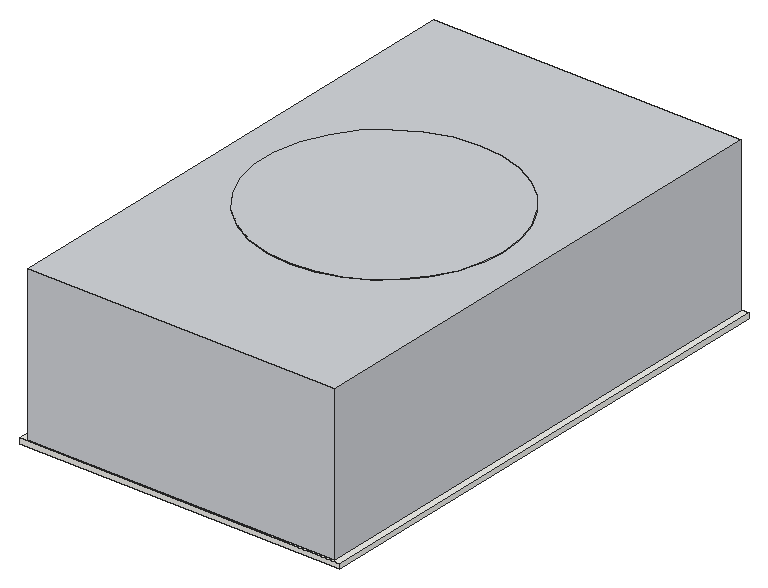
Revit family "MADEL_GRILL_AIR RETURN_FIXED BLADES 45º_DMT+(PLRX - PLRXL) – (1.D1)", category Terminales de aire, Revit 2015
Parameters (values of type "DMT-AR+PLRX 500x300")
  n_factor = 32.0898  # constant formula
  m_factor = 1.8995  # constant formula
  c_factor = -12.9322  # constant formula
  b_factor = -0.12814  # constant formula
  SPM-A [instance] = no
  Revit Version = "Revit 2015 - English"  # constant formula
  Review Date = "11/2016"  # constant formula
  Q_Connector [instance] = Q / 1  # 717.089 m³/h
  Q [instance] = 717.089 m³/h
  Product Type [instance] = Modelo  # "DMT-AR+PLRX 500x300"
  Product Size = "500x300"
  Product Reference [instance] = if(not(H > L), if(Nº Options = 3, if(PLRX, if([(S)], if(SP, "DMT-AR+SP+PLRX (S)", if(MLL, "DMT-AR+MLL+PLRX (S)", if([SPM-A], "DMT-AR+SPM-A+PLRX (S)", if(PFT, "DMT-AR+PFT+PLRX (S)", "Consult Manufacturer")))), if([(O)], if(SP, "DMT-AR+SP+PLRX (O)", if(MLL, "DMT-AR+MLL+PLRX (O)", if([SPM-A], "DMT-AR+SPM-A+PLRX (O)", if(PFT, "DMT-AR+PFT+PLRX (O)", "Consult Manufacturer")))), "Consult Manufacturer")), if([PLRX/L], if([(S)], if(SP, "DMT-AR+SP+PLRX/L (S)", if(MLL, "DMT-AR+MLL+PLRX/L (S)", if([SPM-A], "DMT-AR+SPM-A+PLRX/L (S)", if(PFT, "DMT-AR+PFT+PLRX/L (S)", "Consult Manufacturer")))), if([(O)], if(SP, "DMT-AR+SP+PLRX/L (O)", if(MLL, "DMT-AR+MLL+PLRX/L (O)", if([SPM-A], "DMT-AR+SPM-A+PLRX/L (O)", if(PFT, "DMT-AR+PFT+PLRX/L (O)", "Consult Manufacturer")))), "Consult Manufacturer")), "Consult Manufacturer")), if(Nº Options = 2, if(PLRX, if([(S)], "DMT-AR+PLRX (S)", if([(O)], "DMT-AR+PLRX (O)", "Consult Manufacturer")), if([PLRX/L], if([(S)], "DMT-AR+PLRX/L (S)", if([(O)], "DMT-AR+PLRX/L (O)", "Consult Manufacturer")), "Consult Manufacturer")), "Consult Manufacturer")), if(Nº Options = 3, if(PLRX, if([(S)], if(SP, "EMT-AR+SP+PLRX (S)", if(MLL, "EMT-AR+MLL+PLRX (S)", if([SPM-A], "EMT-AR+SPM-A+PLRX (S)", if(PFT, "EMT-AR+PFT+PLRX (S)", "Consult Manufacturer")))), if([(O)], if(SP, "EMT-AR+SP+PLRX (O)", if(MLL, "EMT-AR+MLL+PLRX (O)", if([SPM-A], "EMT-AR+SPM-A+PLRX (O)", if(PFT, "EMT-AR+PFT+PLRX (O)", "Consult Manufacturer")))), "Consult Manufacturer")), if([PLRX/L], if([(S)], if(SP, "EMT-AR+SP+PLRX/L (S)", if(MLL, "EMT-AR+MLL+PLRX/L (S)", if([SPM-A], "EMT-AR+SPM-A+PLRX/L (S)", if(PFT, "EMT-AR+PFT+PLRX/L (S)", "Consult Manufacturer")))), if([(O)], if(SP, "EMT-AR+SP+PLRX/L (O)", if(MLL, "EMT-AR+MLL+PLRX/L (O)", if([SPM-A], "EMT-AR+SPM-A+PLRX/L (O)", if(PFT, "EMT-AR+PFT+PLRX/L (O)", "Consult Manufacturer")))), "Consult Manufacturer")), "Consult Manufacturer")), if(Nº Options = 2, if(PLRX, if([(S)], "EMT-AR+PLRX (S)", if([(O)], "EMT-AR+PLRX (O)", "Consult Manufacturer")), if([PLRX/L], if([(S)], "EMT-AR+PLRX/L (S)", if([(O)], "EMT-AR+PLRX/L (O)", "Consult Manufacturer")), "Consult Manufacturer")), "Consult Manufacturer")))  # "DMT-AR+SP+PLRX (S)"
  Plenum Connection Type = if(PLRX, "Upper", "Lateral")  # "Upper"
  PLRX/L = if(PLRX, 1 = 0, 1 = 1)  # no
  PLRX = yes
  PFT [instance] = no
  Nº Plenum Connections = 1  # constant formula
  Nº Options [instance] = if([SPM-A], 1, 0) + if(MLL, 1, 0) + if(PLRX, 1, 0) + if([PLRX/L], 1, 0) + if(PFT, 1, 0) + if(SP, 1, 0) + if([(S)], 1, 0) + if([(O)], 1, 0)  # 3
  Nº Finishes [instance] = if(AA, 1, 0) + if(M9016, 1, 0)  # 1
  Nº  Blades = if(H = 100.0 mm, 3, if(H = 150.0 mm, 5, if(H = 200.0 mm, 7, if(H = 250.0 mm, 9, if(H = 300.0 mm, 11, if(H = 350.0 mm, 13, if(H = 400.0 mm, 15, if(H = 450.0 mm, 17, if(H = 500.0 mm, 19, if(H = 550.0 mm, 21, if(H = 600.0 mm, 23, if(H = 650.0 mm, 25, if(H = 700.0 mm, 27, if(H = 750.0 mm, 29, if(H = 800.0 mm, 31, if(H = 850.0 mm, 33, if(H = 900.0 mm, 35, if(H = 950.0 mm, 37, if(H = 1000.0 mm, 39, 0)))))))))))))))))))  # 11
  N_Graphic lines = (H / 40.0 mm) - (L / 1.0 mm) + (L / 1.0 mm)  # 8
  Vmin = 1.5 m/s  # constant formula
  Vmed = 2.25 m/s  # constant formula
  Vmax = 3.0 m/s  # constant formula
  V[m/s] [instance] = Q / Afree / 1.0 m/s  # 2.25
  URL = "http://www.madel.com/en/producto/dmt-fixed-blades-air-return-grilles/"
  SP [instance] = yes
  RAL [instance] = ""
  Modelo = "DMT-AR+PLRX 500x300"
  Material and finishes [instance] = if(and(AA, Nº Finishes = 1), "AA", if(and(M9016, Nº Finishes = 1), "M9016", if(Nº Finishes = 0, "Custom RAL", "Consult Manufacturer")))  # "M9016"
  Material Plenum Box = none
  Material Grill = MADEL_M9016
  MLL [instance] = no
  M9016 [instance] = yes
  Lw (dB(A)) [instance] = n_factor * (log([V[m/s]]) / log(2.7183)) + c_factor + Kf  # 13.2172
  L3 = L - 15.0 mm  # 485.0 mm
  H2 = H1 / (N_Graphic lines + 1)  # 31.667 mm
  L1 [instance] = if(SP, 85.0 mm, if(PFT, 43.0 mm, 25.0 mm))  # 85.0 mm
  L = 500.0 mm
  Kf = 0.12678
  Imagen de tipo = (empty or 0)
  IfcExportType = "IfcAirTerminalType"  # constant formula
  IfcExportAs = "IfcAirTerminalType"  # constant formula
  H1 = H - 15.0 mm  # 285.0 mm
  H = 300.0 mm
  Flujo mín. = Vmin * Afree  # 478.059 m³/h
  Flujo máx. = Vmax * Afree  # 956.119 m³/h
  Fabricante = "MADEL"  # constant formula
  Family Version = "1.0"  # constant formula
  E = H + 20.0 mm  # 320.0 mm
  Descripción = "MADEL_Fixed blades air return grilles"  # constant formula
  D_Connector = 250.0 mm
  DPt [instance] = (10 ^ (log([V[m/s]]) * m_factor + b_factor)) * 1.0 Pa  # 3.47401 Pa
  D1 = D_Connector - 2.0 mm  # 248.0 mm
  Comentarios de tipo = "The DMT series grilles are designed to be used in extractors of cold and hot air. They are mounted on walls or in false ceilings."  # constant formula
  Created by = "BIMETRICAL"  # constant formula
  Blade Lenght = L3  # 485.0 mm
  BIMETRICAL Category = "AirTerminal"  # constant formula
  BIMETRICAL = "http://www.bimetrical.com"  # constant formula
  B = L + 30.0 mm  # 530.0 mm
  Afree = 0.0885295 m²
  AA [instance] = no
  (S) [instance] = yes
  (O) [instance] = if([(S)], 1 = 0, 1 = 1)  # no
Reference planes
  plane 1 "Centro (Frontal/Posterior)": z = 0
  plane 2: y = 435
  plane 3 "Centro (Izquierda/Derecha)": x = 0
  plane 4: x = -142.5
  plane 5: x = 142.5
  plane 6: y = 192.5
  plane 7: y = 677.5
  plane 8: z = 85
  plane 9: z = -5
  plane 10: x = -139.5
  plane 11: x = 139.5
  plane 12: y = 674.5
  plane 13: y = 195.5
Forms (mm)
  Extrusion 1, solid, material "MADEL_M9016" <- "Material Grill", detail levels coarse
    sketch origin (0, 435, 5) x (1, 0, 0) y (0, 0, 1)
      loop
        line (142.5, -10) -> (142.5, 80) -> (-142.5, 80) -> (-142.5, -10) -> (142.5, -10)
    from -242.5 to 242.5
  Extrusion 2, solid, material "MADEL_M9016" <- "Material Grill"
    sketch origin (0, -1220, 0) x (1, 0, 0) y (0, 1, 0)
      loop
        line (-166.5, 1388.5) -> (166.5, 1388.5) -> (166.5, 1921.5) -> (-166.5, 1921.5) -> (-166.5, 1388.5)
      loop
        line (-142.5, 1897.5) -> (-142.5, 1412.5) -> (142.5, 1412.5) -> (142.5, 1897.5) -> (-142.5, 1897.5)
    from -5 to 0
  Extrusion 3, solid, material "MADEL_M9016" <- "Material Grill", detail levels medium+fine
    sketch origin (0, 0, 0) x (1, 0, 0) y (0, 1, 0)
      loop
        line (-142.5, 677.5) -> (-142.5, 192.5) -> (142.5, 192.5) -> (142.5, 677.5) -> (-142.5, 677.5)
      loop
        line (-143.7, 678.7) -> (-143.7, 191.3) -> (143.7, 191.3) -> (143.7, 678.7) -> (-143.7, 678.7)
    from 0 to 85
Dimensions and locks
  equal spacing: plane 5, plane 3 "Centro (Izquierda/Derecha)", plane 4
  "H1": plane 5 to plane 4
  equal spacing: plane 7, plane 2, plane 6
  "L3": plane 7 to plane 6
  "L1": plane 8 to plane 1 "Centro (Frontal/Posterior)"
  locked: plane 1 "Centro (Frontal/Posterior)" to plane 9 at 5
  "H2": plane 4 to nested 2
  equal spacing: group 1, group 3, group 7, group 8, group 9, group 10, group 11, group 2  (x3)
  "H2": nested 3 to plane 5
  locked: plane 13 to plane 6 at 3
  locked: plane 7 to plane 12 at 3
  locked: plane 11 to plane 5 at 3
  locked: plane 4 to plane 10 at 3
  equal spacing: group 4, group 6, group 12, group 13, group 14, group 15, group 16, group 17, group 18, group 19, group 5  (x3)
  locked: Extrusion 2 to Extrusion 3 sketch curve at 1.2  (x3)
  locked: Extrusion 3 sketch curve to Extrusion 2 at 1.2
  aligned and locked: plane 4 to Extrusion 1 sketch curve
  aligned and locked: Extrusion 1 sketch curve to plane 5
  aligned and locked: plane 8 to Extrusion 1
  aligned and locked: Extrusion 2 sketch curve to plane 7
  aligned and locked: Extrusion 2 sketch curve to plane 6
  aligned and locked: Extrusion 2 sketch curve to plane 4
  aligned and locked: plane 5 to Extrusion 2 sketch curve
  aligned and locked: Extrusion 2 to plane 9
  aligned and locked: Extrusion 2 to plane 1 "Centro (Frontal/Posterior)"
  aligned and locked: Extrusion 1 to plane 6
  aligned and locked: plane 7 to Extrusion 1
  aligned and locked: plane 3 "Centro (Izquierda/Derecha)" to nested 1
  aligned and locked: plane 1 "Centro (Frontal/Posterior)" to nested 1
  aligned and locked: plane 2 to nested 1
  aligned and locked: plane 11 to nested 6
  aligned and locked: plane 10 to nested 5
  aligned and locked: plane 6 to Extrusion 3 sketch curve
  aligned and locked: Extrusion 3 sketch curve to plane 5
  aligned and locked: Extrusion 3 sketch curve to plane 7
  aligned and locked: plane 4 to Extrusion 3 sketch curve
  aligned and locked: plane 1 "Centro (Frontal/Posterior)" to Extrusion 3
  aligned and locked: plane 8 to Extrusion 3
Automatic sketch dimensions
  Extrusion 1 sketch curve to plane 8 = 0.0 mm
  Extrusion 1 sketch curve to level = 5.0 mm
  plane 7 to Extrusion 2 sketch curve = 24.0 mm
  Extrusion 2 sketch curve to plane 4 = 24.0 mm
  plane 5 to Extrusion 2 sketch curve = 24.0 mm
  Extrusion 2 sketch curve to plane 6 = 24.0 mm
Nested families
  nested 1: "Plenum_PLRX-PLRXL (1.D1)" at (0, 435, 0), type "Plenum_PLRX-PLRXL (1.D1)"
    with L1 80.0 mm, E 320.0 mm, D_Conector 250.0 mm, B 530.0 mm
  nested 2: "Grafismo Rejilla" at (-110.833, 435, 0) x (0, 1, 0) z (0, 0, 1), LL <- "L3", type "Linea"
    with LL 485.0 mm
  nested 3: "Grafismo Rejilla" at (110.833, 435, 0) x (0, 1, 0) z (0, 0, 1), LL <- "L3", type "Linea"
    with LL 485.0 mm
  nested 4: "Grafismo Rejilla" at (-79.167, 435, 0) x (0, 1, 0) z (0, 0, 1), LL <- "L3", type "Linea"
    with LL 485.0 mm
  nested 5: "MADEL_ALETA FIJA 45º" at (-139.5, 435, -5) x (0, 1, 0) z (0, 0, 1), Material Aletas <- "Material Grill", Longitud Aleta <- "Blade Lenght", type "MADEL_ALETA FIJA 45º", detail levels medium+fine
    with Material Aletas MADEL_M9016, Longitud Aleta 485.0 mm
  nested 6: "MADEL_ALETA FIJA 45º" at (116.5, 435, -5) x (0, 1, 0) z (0, 0, 1), Material Aletas <- "Material Grill", Longitud Aleta <- "Blade Lenght", type "MADEL_ALETA FIJA 45º", detail levels medium+fine
    with Material Aletas MADEL_M9016, Longitud Aleta 485.0 mm
  nested 7: "MADEL_ALETA FIJA 45º" at (-113.9, 435, -5) x (0, 1, 0) z (0, 0, 1), Material Aletas <- "Material Grill", Longitud Aleta <- "Blade Lenght", type "MADEL_ALETA FIJA 45º", detail levels medium+fine
    with Material Aletas MADEL_M9016, Longitud Aleta 485.0 mm
  nested 8: "Grafismo Rejilla" at (-47.5, 435, 0) x (0, 1, 0) z (0, 0, 1), LL <- "L3", type "Linea"
    with LL 485.0 mm
  nested 9: "Grafismo Rejilla" at (-15.833, 435, 0) x (0, 1, 0) z (0, 0, 1), LL <- "L3", type "Linea"
    with LL 485.0 mm
  nested 10: "Grafismo Rejilla" at (15.833, 435, 0) x (0, 1, 0) z (0, 0, 1), LL <- "L3", type "Linea"
    with LL 485.0 mm
  nested 11: "Grafismo Rejilla" at (47.5, 435, 0) x (0, 1, 0) z (0, 0, 1), LL <- "L3", type "Linea"
    with LL 485.0 mm
  nested 12: "Grafismo Rejilla" at (79.167, 435, 0) x (0, 1, 0) z (0, 0, 1), LL <- "L3", type "Linea"
    with LL 485.0 mm
  nested 13: "MADEL_ALETA FIJA 45º" at (-88.3, 435, -5) x (0, 1, 0) z (0, 0, 1), Material Aletas <- "Material Grill", Longitud Aleta <- "Blade Lenght", type "MADEL_ALETA FIJA 45º", detail levels medium+fine
    with Material Aletas MADEL_M9016, Longitud Aleta 485.0 mm
  nested 14: "MADEL_ALETA FIJA 45º" at (-62.7, 435, -5) x (0, 1, 0) z (0, 0, 1), Material Aletas <- "Material Grill", Longitud Aleta <- "Blade Lenght", type "MADEL_ALETA FIJA 45º", detail levels medium+fine
    with Material Aletas MADEL_M9016, Longitud Aleta 485.0 mm
  nested 15: "MADEL_ALETA FIJA 45º" at (-37.1, 435, -5) x (0, 1, 0) z (0, 0, 1), Material Aletas <- "Material Grill", Longitud Aleta <- "Blade Lenght", type "MADEL_ALETA FIJA 45º", detail levels medium+fine
    with Material Aletas MADEL_M9016, Longitud Aleta 485.0 mm
  nested 16: "MADEL_ALETA FIJA 45º" at (-11.5, 435, -5) x (0, 1, 0) z (0, 0, 1), Material Aletas <- "Material Grill", Longitud Aleta <- "Blade Lenght", type "MADEL_ALETA FIJA 45º", detail levels medium+fine
    with Material Aletas MADEL_M9016, Longitud Aleta 485.0 mm
  nested 17: "MADEL_ALETA FIJA 45º" at (14.1, 435, -5) x (0, 1, 0) z (0, 0, 1), Material Aletas <- "Material Grill", Longitud Aleta <- "Blade Lenght", type "MADEL_ALETA FIJA 45º", detail levels medium+fine
    with Material Aletas MADEL_M9016, Longitud Aleta 485.0 mm
  nested 18: "MADEL_ALETA FIJA 45º" at (39.7, 435, -5) x (0, 1, 0) z (0, 0, 1), Material Aletas <- "Material Grill", Longitud Aleta <- "Blade Lenght", type "MADEL_ALETA FIJA 45º", detail levels medium+fine
    with Material Aletas MADEL_M9016, Longitud Aleta 485.0 mm
  nested 19: "MADEL_ALETA FIJA 45º" at (65.3, 435, -5) x (0, 1, 0) z (0, 0, 1), Material Aletas <- "Material Grill", Longitud Aleta <- "Blade Lenght", type "MADEL_ALETA FIJA 45º", detail levels medium+fine
    with Material Aletas MADEL_M9016, Longitud Aleta 485.0 mm
  nested 20: "MADEL_ALETA FIJA 45º" at (90.9, 435, -5) x (0, 1, 0) z (0, 0, 1), Material Aletas <- "Material Grill", Longitud Aleta <- "Blade Lenght", type "MADEL_ALETA FIJA 45º", detail levels medium+fine
    with Material Aletas MADEL_M9016, Longitud Aleta 485.0 mm
Connectors
  hvac at (0, 435, 160), driven by "DPt", driven by "Q_Connector", driven by "D_Connector"
    settings: on nested 1, index 2, duct flow 717.089 m³/h, flow factor 0, pres drop 3.47401 Pa, loss coef 0, conn angle 0.00°, conn width 304.8 mm, conn height 304.8 mm, conn diameter 250 mm, duct sys type 29, conn prof type 0, flow config 1, flow direction 2, loss method 4, conn ref index -1, conn util no, is conn primary yes, conn desc ""
Definition of nested family "Plenum_PLRX-PLRXL (1.D1)"
  Parameters (values of type "Plenum_PLRX-PLRX_L (1.D1)")
    URL = "http://www.madel.com/producto/plrx-plenum-con-conexion-circular-para-rejillas/"
    PLXR-L = if(PLRX, 1 = 0, 1 = 1)  # no
    PLRX = yes
    Nº Conexiones = 1  # constant formula
    Model = if(PLRX, "PLRX", "PLRX-L")  # "PLRX"
    Material Plenum = none
    L1 [instance] = if(PLRX, H / 2, E / 2)  # 80.0 mm
    IfcExportType = "IfcAirTerminalBoxType"  # constant formula
    IfcExportAs = "IfcAirTerminalBoxType"  # constant formula
    H2 = if(PLRX, H / 2, 10.0 mm + (D_Conector / 2))  # 80.0 mm
    H = if(PLRX, 160.0 mm, 140.0 mm + D_Conector + 10.0 mm)  # 160.0 mm
    Manufacturer = "MADEL"  # constant formula
    E = 270.0 mm
    Description = "Plenum de conexión superior/lateral"  # constant formula
    D_Conector = 200.0 mm
    Type Comments = "Plenums con conexión circular para rejillas de las series AMT, CTM, LMT y multi-toberas KOO, con fijación tipo (S) para montaje a la pared. Construidos en acero galvanizado."  # constant formula
    B = 230.0 mm
    An = if(PLRX, 90.00°, 180.00°)  # 90.00°
  Reference planes
    plane 1 "Centro (Frontal/Posterior)": y = 0
    plane 2: z = 0
    plane 3 "Centro (Izquierda/Derecha)": x = 0
    plane 4: z = 160
    plane 5: y = 115
    plane 6: y = -115
    plane 7: x = 135
    plane 8: x = -135
    plane 9: z = 155
    plane 10: z = 80
    plane 11: x = -133.8
    plane 12: x = 133.8
    plane 13: y = 113.8
    plane 14: y = -113.8
    plane 15: z = 158.8
  Forms (mm)
    Extrusion 1, solid, material <- "Material Plenum"
      sketch origin (0, 0, 0) x (1, 0, 0) y (0, 1, 0)
        loop
          line (-135, 115) -> (-135, -115) -> (135, -115) -> (135, 115) -> (-135, 115)
      from 0 to 160
    Extrusion 2, solid, material <- "Material Plenum"
      sketch origin (0, 0, 160) x (0, -1, 0) y (1, 0, 0)
        loop
          circle (0, 0) r 100
      from 0 to -1
    Extrusion 3, void
      sketch origin (0, 0, 0) x (1, 0, 0) y (0, 1, 0)
        loop
          line (-133.8, 113.8) -> (-133.8, -113.8) -> (133.8, -113.8) -> (133.8, 113.8) -> (-133.8, 113.8)
      from 0 to 158.8
  Cuts and joins
    Extrusion 3 cuts Extrusion 1
  Lines and regions (mm)
    reference lines
      curve 1: line (0, 0, 80) -> (0, 0, 160)
  Dimensions and locks
    equal spacing: plane 8, plane 3 "Centro (Izquierda/Derecha)", plane 7
    "E": plane 8 to plane 7
    equal spacing: plane 6, plane 1 "Centro (Frontal/Posterior)", plane 5
    "B": plane 6 to plane 5
    "H": plane 4 to plane 2
    plane 4 to plane 9 = 5.0 mm
    "L1": curve 1 to curve 1
    "H2": plane 4 to plane 10
    locked: plane 6 to plane 14 at 1.2
    locked: plane 5 to plane 13 at 1.2
    locked: plane 12 to plane 7 at 1.2
    locked: plane 8 to plane 11 at 1.2
    locked: plane 4 to plane 15 at 1.2
    "D_Conector": diameter of Extrusion 2 sketch curve
    "An": angle plane 10 to curve 1
    aligned and locked: level to plane 2
    aligned and locked: plane 6 to Extrusion 1
    aligned and locked: plane 8 to Extrusion 1
    aligned and locked: plane 5 to Extrusion 1
    aligned and locked: plane 7 to Extrusion 1
    aligned and locked: plane 4 to Extrusion 1
    aligned and locked: Extrusion 1 to plane 2
    aligned and locked: plane 3 "Centro (Izquierda/Derecha)" to curve 1
    aligned and locked: plane 10 to curve 1
    aligned and locked: Extrusion 3 sketch curve to plane 13
    aligned and locked: Extrusion 3 sketch curve to plane 11
    aligned and locked: plane 14 to Extrusion 3 sketch curve
    aligned and locked: Extrusion 3 sketch curve to plane 12
    aligned and locked: plane 15 to Extrusion 3
    aligned and locked: Extrusion 3 to plane 2
  Automatic sketch dimensions
    Extrusion 1 sketch curve to plane 8 = 0.0 mm
    Extrusion 1 sketch curve to plane 7 = 0.0 mm
    Extrusion 1 sketch curve to plane 6 = 0.0 mm
    Extrusion 1 sketch curve to plane 5 = 0.0 mm
    plane 1 "Centro (Frontal/Posterior)" to Extrusion 2 sketch curve = 0.0 mm
    Extrusion 2 sketch curve to plane 3 "Centro (Izquierda/Derecha)" = 0.0 mm
Definition of nested family "MADEL_ALETA FIJA 45º"
  Parameters (values of type "MADEL_ALETA FIJA 45º")
    Material Aletas [instance] = none
    Longitud Aleta [instance] = 1000.0 mm
  Reference planes
    plane 1 "Centro (Frontal/Posterior)": y = 0
    plane 2: z = 0
    plane 3 "Centro (Izquierda/Derecha)": x = 0
    plane 4: x = -500
    plane 5: x = 500
  Forms (mm)
    Extrusion 1, solid, material <- "Material Aletas"
      sketch origin (0, 6.801, -8.972) x (0, 1, 0) y (0, 0, 1)
        loop
          line (-6.801, 8.972) -> (-6.801, 10.172) -> (-8.813, 10.172) -> (-13.27, 14.52)
          arc (-13.27, 14.52) -> (-13.288, 15.935) -> (-14.702, 15.917) r 1
          line (-14.702, 15.917) -> (-27.534, 28.436)
          arc (-27.534, 28.436) -> (-27.412, 29.681) -> (-28.601, 30.071) r 1
          line (-28.601, 30.071) -> (-28.601, 31.972) -> (-28.97, 34.972) -> (-29.801, 34.972) -> (-29.801, 28.972) -> (-9.301, 8.972) -> (-6.801, 8.972)
      from -500 to 500
  Dimensions and locks
    equal spacing: plane 4, plane 3 "Centro (Izquierda/Derecha)", plane 5
    "Longitud Aleta": plane 4 to plane 5
    aligned and locked: level to plane 2
    aligned and locked: Extrusion 1 to plane 4
    aligned and locked: plane 5 to Extrusion 1
  Automatic sketch dimensions
    plane 1 "Centro (Frontal/Posterior)" to Extrusion 1 sketch curve = 23.0 mm
    Extrusion 1 sketch curve to Extrusion 1 sketch curve = 1.2 mm  (x2)
    Extrusion 1 sketch curve to Extrusion 1 sketch curve = 0.352 mm
    Extrusion 1 sketch curve to Extrusion 1 sketch curve = 0.716 mm  (x3)
    plane 1 "Centro (Frontal/Posterior)" to Extrusion 1 sketch curve = 7.9 mm
    Extrusion 1 sketch curve to Extrusion 1 sketch curve = 3.969 mm
    Extrusion 1 sketch curve to Extrusion 1 sketch curve = 0.488 mm
    Extrusion 1 sketch curve to Extrusion 1 sketch curve = 2.012 mm
    level to Extrusion 1 sketch curve = 0.0 mm
    Extrusion 1 sketch curve to Extrusion 1 sketch curve = 4.348 mm
    Extrusion 1 sketch curve to Extrusion 1 sketch curve = 0.698 mm  (x2)
    Extrusion 1 sketch curve to Extrusion 1 sketch curve = 12.519 mm
    Extrusion 1 sketch curve to Extrusion 1 sketch curve = 0.536 mm
    Extrusion 1 sketch curve to Extrusion 1 sketch curve = 1.901 mm
    Extrusion 1 sketch curve to Extrusion 1 sketch curve = 0.832 mm
    Extrusion 1 sketch curve to Extrusion 1 sketch curve = 3.0 mm
Definition of nested family "Grafismo Rejilla"
  Parameters (values of type "Linea")
    LL [instance] = 1500.0 mm
  Reference planes
    plane 1 "Centro (Frontal/Posterior)": y = 0
    plane 2: z = 0
    plane 3 "Centro (Izquierda/Derecha)": x = 0
  Lines and regions (mm)
    symbolic lines
      curve 1: line (-750, 0, 0) -> (750, 0, 0)
  Dimensions and locks
    "LL": curve 1 to curve 1
    equal spacing: curve 1, plane 3 "Centro (Izquierda/Derecha)", curve 1
    aligned and locked: level to plane 2
  Automatic sketch dimensions
    plane 1 "Centro (Frontal/Posterior)" to curve 1 = 0.0 mm
Types (87, lengths in mm): name | Q_Connector | Q | Product Type | Product Size | Product Reference | Plenum Connection Type | PLRX/L | PLRX | Nº  Blades | N_Graphic lines | Modelo | Lw (dB(A)) | L3 | H2 | L | Kf | H1 | H | Flujo mín. | Flujo máx. | E | D_Connector | D1 | Blade Lenght | B | Afree
  DMT-AR+PLRX 1100x250 | 1321.64 m³/h | 1321.64 m³/h | "DMT-AR+PLRX 1100x250" | "1100x250" | "DMT-AR+SP+PLRX (S)" | "Upper" | no | yes | 9 | 6 | "DMT-AR+PLRX 1100x250" | 15.8607 | 1085.0 | 33.571 | 1100.0 | 2.7704 | 235.0 | 250.0 | 881.094 m³/h | 1762.19 m³/h | 270.0 | 250.0 | 248.0 | 1085.0 | 1130.0 | 0.163166 m²
  DMT-AR+PLRX 1000x250 | 1199.95 m³/h | 1199.95 m³/h | "DMT-AR+PLRX 1000x250" | "1000x250" | "DMT-AR+SP+PLRX (S)" | "Upper" | no | yes | 9 | 6 | "DMT-AR+PLRX 1000x250" | 15.4431 | 985.0 | 33.571 | 1000.0 | 2.3527 | 235.0 | 250.0 | 799.965 m³/h | 1599.93 m³/h | 270.0 | 250.0 | 248.0 | 985.0 | 1030.0 | 0.148142 m²
  DMT-AR+PLRX 900x300 | 1307.66 m³/h | 1307.66 m³/h | "DMT-AR+PLRX 900x300" | "900x300" | "DMT-AR+SP+PLRX (S)" | "Upper" | no | yes | 11 | 8 | "DMT-AR+PLRX 900x300" | 15.8148 | 885.0 | 31.667 | 900.0 | 2.7244 | 285.0 | 300.0 | 871.772 m³/h | 1743.54 m³/h | 320.0 | 250.0 | 248.0 | 885.0 | 930.0 | 0.161439 m²
  DMT-AR+PLRX 900x250 | 1078.25 m³/h | 1078.25 m³/h | "DMT-AR+PLRX 900x250" | "900x250" | "DMT-AR+SP+PLRX (S)" | "Upper" | no | yes | 9 | 6 | "DMT-AR+PLRX 900x250" | 14.9808 | 885.0 | 33.571 | 900.0 | 1.8904 | 235.0 | 250.0 | 718.836 m³/h | 1437.67 m³/h | 270.0 | 250.0 | 248.0 | 885.0 | 930.0 | 0.133118 m²
  DMT-AR+PLRX 800x300 | 1160.02 m³/h | 1160.02 m³/h | "DMT-AR+PLRX 800x300" | "800x300" | "DMT-AR+SP+PLRX (S)" | "Upper" | no | yes | 11 | 8 | "DMT-AR+PLRX 800x300" | 15.2968 | 785.0 | 31.667 | 800.0 | 2.2064 | 285.0 | 300.0 | 773.344 m³/h | 1546.69 m³/h | 320.0 | 250.0 | 248.0 | 785.0 | 830.0 | 0.143212 m²
  DMT-AR+PLRX 800x250 | 956.56 m³/h | 956.56 m³/h | "DMT-AR+PLRX 800x250" | "800x250" | "DMT-AR+SP+PLRX (S)" | "Upper" | no | yes | 9 | 6 | "DMT-AR+PLRX 800x250" | 14.463 | 785.0 | 33.571 | 800.0 | 1.3726 | 235.0 | 250.0 | 637.707 m³/h | 1275.41 m³/h | 270.0 | 250.0 | 248.0 | 785.0 | 830.0 | 0.118094 m²
  DMT-AR+PLRX 800x200 | 753.104 m³/h | 753.104 m³/h | "DMT-AR+PLRX 800x200" | "800x200" | "DMT-AR+SP+PLRX (S)" | "Upper" | no | yes | 7 | 5 | "DMT-AR+PLRX 800x200" | 13.429 | 785.0 | 30.833 | 800.0 | 0.33865 | 185.0 | 200.0 | 502.07 m³/h | 1004.14 m³/h | 220.0 | 200.0 | 198.0 | 785.0 | 830.0 | 0.0929758 m²
  DMT-AR+PLRX 700x300 | 1012.37 m³/h | 1012.37 m³/h | "DMT-AR+PLRX 700x300" | "700x300" | "DMT-AR+SP+PLRX (S)" | "Upper" | no | yes | 11 | 8 | "DMT-AR+PLRX 700x300" | 14.7082 | 685.0 | 31.667 | 700.0 | 1.6178 | 285.0 | 300.0 | 674.916 m³/h | 1349.83 m³/h | 320.0 | 250.0 | 248.0 | 685.0 | 730.0 | 0.124984 m²
  DMT-AR+PLRX 700x250 | 834.866 m³/h | 834.866 m³/h | "DMT-AR+PLRX 700x250" | "700x250" | "DMT-AR+SP+PLRX (S)" | "Upper" | no | yes | 9 | 6 | "DMT-AR+PLRX 700x250" | 13.8747 | 685.0 | 33.571 | 700.0 | 0.78428 | 235.0 | 250.0 | 556.578 m³/h | 1113.16 m³/h | 270.0 | 250.0 | 248.0 | 685.0 | 730.0 | 0.10307 m²
  DMT-AR+PLRX 700x200 | 657.359 m³/h | 657.359 m³/h | "DMT-AR+PLRX 700x200" | "700x200" | "DMT-AR+SP+PLRX (S)" | "Upper" | no | yes | 7 | 5 | "DMT-AR+PLRX 700x200" | 12.8411 | 685.0 | 30.833 | 700.0 | -0.24924 | 185.0 | 200.0 | 438.239 m³/h | 876.479 m³/h | 220.0 | 200.0 | 198.0 | 685.0 | 730.0 | 0.0811555 m²
  DMT-AR+PLRX 600x300 | 864.731 m³/h | 864.731 m³/h | "DMT-AR+PLRX 600x300" | "600x300" | "DMT-AR+SP+PLRX (S)" | "Upper" | no | yes | 11 | 8 | "DMT-AR+PLRX 600x300" | 14.0266 | 585.0 | 31.667 | 600.0 | 0.93624 | 285.0 | 300.0 | 576.488 m³/h | 1152.98 m³/h | 320.0 | 250.0 | 248.0 | 585.0 | 630.0 | 0.106757 m²
  DMT-AR+PLRX 600x250 | 713.173 m³/h | 713.173 m³/h | "DMT-AR+PLRX 600x250" | "600x250" | "DMT-AR+SP+PLRX (S)" | "Upper" | no | yes | 9 | 6 | "DMT-AR+PLRX 600x250" | 13.1935 | 585.0 | 33.571 | 600.0 | 0.1031 | 235.0 | 250.0 | 475.448 m³/h | 950.897 m³/h | 270.0 | 250.0 | 248.0 | 585.0 | 630.0 | 0.088046 m²
  DMT-AR+PLRX 600x200 | 561.614 m³/h | 561.614 m³/h | "DMT-AR+PLRX 600x200" | "600x200" | "DMT-AR+SP+PLRX (S)" | "Upper" | no | yes | 7 | 5 | "DMT-AR+PLRX 600x200" | 12.1605 | 585.0 | 30.833 | 600.0 | -0.92984 | 185.0 | 200.0 | 374.409 m³/h | 748.819 m³/h | 220.0 | 200.0 | 198.0 | 585.0 | 630.0 | 0.0693351 m²
  DMT-AR+PLRX 500x300 | 717.089 m³/h | 717.089 m³/h | "DMT-AR+PLRX 500x300" | "500x300" | "DMT-AR+SP+PLRX (S)" | "Upper" | no | yes | 11 | 8 | "DMT-AR+PLRX 500x300" | 13.2172 | 485.0 | 31.667 | 500.0 | 0.12678 | 285.0 | 300.0 | 478.059 m³/h | 956.119 m³/h | 320.0 | 250.0 | 248.0 | 485.0 | 530.0 | 0.0885295 m²
  DMT-AR+PLRX 500x250 | 591.479 m³/h | 591.479 m³/h | "DMT-AR+PLRX 500x250" | "500x250" | "DMT-AR+SP+PLRX (S)" | "Upper" | no | yes | 9 | 6 | "DMT-AR+PLRX 500x250" | 12.3846 | 485.0 | 33.571 | 500.0 | -0.70583 | 235.0 | 250.0 | 394.319 m³/h | 788.639 m³/h | 270.0 | 250.0 | 248.0 | 485.0 | 530.0 | 0.0730221 m²
  DMT-AR+PLRX 500x200 | 465.869 m³/h | 465.869 m³/h | "DMT-AR+PLRX 500x200" | "500x200" | "DMT-AR+SP+PLRX (S)" | "Upper" | no | yes | 7 | 5 | "DMT-AR+PLRX 500x200" | 11.3524 | 485.0 | 30.833 | 500.0 | -1.738 | 185.0 | 200.0 | 310.579 m³/h | 621.158 m³/h | 220.0 | 200.0 | 198.0 | 485.0 | 530.0 | 0.0575147 m²
  DMT-AR+PLRX 500x150 | 340.259 m³/h | 340.259 m³/h | "DMT-AR+PLRX 500x150" | "500x150" | "DMT-AR+SP+PLRX (S)" | "Upper" | no | yes | 5 | 4 | "DMT-AR+PLRX 500x150" | 9.994 | 485.0 | 27.0 | 500.0 | -3.0964 | 135.0 | 150.0 | 226.839 m³/h | 453.678 m³/h | 170.0 | 125.0 | 123.0 | 485.0 | 530.0 | 0.0420072 m²
  DMT-AR+PLRX 500x100 | 214.649 m³/h | 214.649 m³/h | "DMT-AR+PLRX 500x100" | "500x100" | "DMT-AR+SP+PLRX (S)" | "Upper" | no | yes | 3 | 3 | "DMT-AR+PLRX 500x100" | 8.0021 | 485.0 | 21.25 | 500.0 | -5.0883 | 85.0 | 100.0 | 143.099 m³/h | 286.198 m³/h | 120.0 | 100.0 | 98.0 | 485.0 | 530.0 | 0.0264998 m²
  DMT-AR+PLRX 450x300 | 643.268 m³/h | 643.268 m³/h | "DMT-AR+PLRX 450x300" | "450x300" | "DMT-AR+SP+PLRX (S)" | "Upper" | no | yes | 11 | 8 | "DMT-AR+PLRX 450x300" | 12.7475 | 435.0 | 31.667 | 450.0 | -0.34293 | 285.0 | 300.0 | 428.845 m³/h | 857.691 m³/h | 320.0 | 250.0 | 248.0 | 435.0 | 480.0 | 0.0794158 m²
  DMT-AR+PLRX 450x250 | 530.632 m³/h | 530.632 m³/h | "DMT-AR+PLRX 450x250" | "450x250" | "DMT-AR+SP+PLRX (S)" | "Upper" | no | yes | 9 | 6 | "DMT-AR+PLRX 450x250" | 11.9152 | 435.0 | 33.571 | 450.0 | -1.1752 | 235.0 | 250.0 | 353.755 m³/h | 707.509 m³/h | 270.0 | 250.0 | 248.0 | 435.0 | 480.0 | 0.0655101 m²
  DMT-AR+PLRX 450x200 | 417.996 m³/h | 417.996 m³/h | "DMT-AR+PLRX 450x200" | "450x200" | "DMT-AR+SP+PLRX (S)" | "Upper" | no | yes | 7 | 5 | "DMT-AR+PLRX 450x200" | 10.8836 | 435.0 | 30.833 | 450.0 | -2.2068 | 185.0 | 200.0 | 278.664 m³/h | 557.328 m³/h | 220.0 | 200.0 | 198.0 | 435.0 | 480.0 | 0.0516045 m²
  DMT-AR+PLRX 450x150 | 305.36 m³/h | 305.36 m³/h | "DMT-AR+PLRX 450x150" | "450x150" | "DMT-AR+SP+PLRX (S)" | "Upper" | no | yes | 5 | 4 | "DMT-AR+PLRX 450x150" | 9.5261 | 435.0 | 27.0 | 450.0 | -3.5643 | 135.0 | 150.0 | 203.574 m³/h | 407.147 m³/h | 170.0 | 125.0 | 123.0 | 435.0 | 480.0 | 0.0376988 m²
  DMT-AR+PLRX 450x100 | 192.725 m³/h | 192.725 m³/h | "DMT-AR+PLRX 450x100" | "450x100" | "DMT-AR+SP+PLRX (S)" | "Upper" | no | yes | 3 | 3 | "DMT-AR+PLRX 450x100" | 7.5362 | 435.0 | 21.25 | 450.0 | -5.5542 | 85.0 | 100.0 | 128.483 m³/h | 256.966 m³/h | 120.0 | 100.0 | 98.0 | 435.0 | 480.0 | 0.0237932 m²
  DMT-AR+PLRX 400x300 | 569.447 m³/h | 569.447 m³/h | "DMT-AR+PLRX 400x300" | "400x300" | "DMT-AR+SP+PLRX (S)" | "Upper" | no | yes | 11 | 8 | "DMT-AR+PLRX 400x300" | 12.2204 | 385.0 | 31.667 | 400.0 | -0.86996 | 285.0 | 300.0 | 379.631 m³/h | 759.262 m³/h | 320.0 | 250.0 | 248.0 | 385.0 | 430.0 | 0.0703021 m²
  DMT-AR+PLRX 400x250 | 469.785 m³/h | 469.785 m³/h | "DMT-AR+PLRX 400x250" | "400x250" | "DMT-AR+SP+PLRX (S)" | "Upper" | no | yes | 9 | 6 | "DMT-AR+PLRX 400x250" | 11.3886 | 385.0 | 33.571 | 400.0 | -1.7018 | 235.0 | 250.0 | 313.19 m³/h | 626.38 m³/h | 270.0 | 250.0 | 248.0 | 385.0 | 430.0 | 0.0579982 m²
  DMT-AR+PLRX 400x200 | 370.124 m³/h | 370.124 m³/h | "DMT-AR+PLRX 400x200" | "400x200" | "DMT-AR+SP+PLRX (S)" | "Upper" | no | yes | 7 | 5 | "DMT-AR+PLRX 400x200" | 10.3577 | 385.0 | 30.833 | 400.0 | -2.7327 | 185.0 | 200.0 | 246.749 m³/h | 493.498 m³/h | 220.0 | 200.0 | 198.0 | 385.0 | 430.0 | 0.0456943 m²
  DMT-AR+PLRX 400x150 | 270.462 m³/h | 270.462 m³/h | "DMT-AR+PLRX 400x150" | "400x150" | "DMT-AR+SP+PLRX (S)" | "Upper" | no | yes | 5 | 4 | "DMT-AR+PLRX 400x150" | 9.0014 | 385.0 | 27.0 | 400.0 | -4.089 | 135.0 | 150.0 | 180.308 m³/h | 360.616 m³/h | 170.0 | 125.0 | 123.0 | 385.0 | 430.0 | 0.0333904 m²
  DMT-AR+PLRX 400x100 | 170.801 m³/h | 170.801 m³/h | "DMT-AR+PLRX 400x100" | "400x100" | "DMT-AR+SP+PLRX (S)" | "Upper" | no | yes | 3 | 3 | "DMT-AR+PLRX 400x100" | 7.0141 | 385.0 | 21.25 | 400.0 | -6.0763 | 85.0 | 100.0 | 113.867 m³/h | 227.734 m³/h | 120.0 | 100.0 | 98.0 | 385.0 | 430.0 | 0.0210865 m²
  DMT-AR+PLRX 350x300 | 495.626 m³/h | 495.626 m³/h | "DMT-AR+PLRX 350x300" | "350x300" | "DMT-AR+SP+PLRX (S)" | "Upper" | no | yes | 11 | 8 | "DMT-AR+PLRX 350x300" | 11.6201 | 335.0 | 31.667 | 350.0 | -1.4703 | 285.0 | 300.0 | 330.417 m³/h | 660.834 m³/h | 320.0 | 250.0 | 248.0 | 335.0 | 380.0 | 0.0611883 m²
  DMT-AR+PLRX 350x250 | 408.938 m³/h | 408.938 m³/h | "DMT-AR+PLRX 350x250" | "350x250" | "DMT-AR+SP+PLRX (S)" | "Upper" | no | yes | 9 | 6 | "DMT-AR+PLRX 350x250" | 10.7889 | 335.0 | 33.571 | 350.0 | -2.3015 | 235.0 | 250.0 | 272.626 m³/h | 545.251 m³/h | 270.0 | 250.0 | 248.0 | 335.0 | 380.0 | 0.0504862 m²
  DMT-AR+PLRX 350x200 | 322.251 m³/h | 322.251 m³/h | "DMT-AR+PLRX 350x200" | "350x200" | "DMT-AR+SP+PLRX (S)" | "Upper" | no | yes | 7 | 5 | "DMT-AR+PLRX 350x200" | 9.7589 | 335.0 | 30.833 | 350.0 | -3.3315 | 185.0 | 200.0 | 214.834 m³/h | 429.668 m³/h | 220.0 | 200.0 | 198.0 | 335.0 | 380.0 | 0.0397841 m²
  DMT-AR+PLRX 350x150 | 235.564 m³/h | 235.564 m³/h | "DMT-AR+PLRX 350x150" | "350x150" | "DMT-AR+SP+PLRX (S)" | "Upper" | no | yes | 5 | 4 | "DMT-AR+PLRX 350x150" | 8.4041 | 335.0 | 27.0 | 350.0 | -4.6863 | 135.0 | 150.0 | 157.043 m³/h | 314.085 m³/h | 170.0 | 125.0 | 123.0 | 335.0 | 380.0 | 0.029082 m²
  DMT-AR+PLRX 350x100 | 148.877 m³/h | 148.877 m³/h | "DMT-AR+PLRX 350x100" | "350x100" | "DMT-AR+SP+PLRX (S)" | "Upper" | no | yes | 3 | 3 | "DMT-AR+PLRX 350x100" | 6.4201 | 335.0 | 21.25 | 350.0 | -6.6703 | 85.0 | 100.0 | 99.2511 m³/h | 198.502 m³/h | 120.0 | 100.0 | 98.0 | 335.0 | 380.0 | 0.0183798 m²
  DMT-AR+PLRX 300x300 | 421.804 m³/h | 421.804 m³/h | "DMT-AR+PLRX 300x300" | "300x300" | "DMT-AR+SP+PLRX (S)" | "Upper" | no | yes | 11 | 8 | "DMT-AR+PLRX 300x300" | 10.9228 | 285.0 | 31.667 | 300.0 | -2.1676 | 285.0 | 300.0 | 281.203 m³/h | 562.406 m³/h | 320.0 | 250.0 | 248.0 | 285.0 | 330.0 | 0.0520746 m²
  DMT-AR+PLRX 300x250 | 348.091 m³/h | 348.091 m³/h | "DMT-AR+PLRX 300x250" | "300x250" | "DMT-AR+SP+PLRX (S)" | "Upper" | no | yes | 9 | 6 | "DMT-AR+PLRX 300x250" | 10.0924 | 285.0 | 33.571 | 300.0 | -2.998 | 235.0 | 250.0 | 232.061 m³/h | 464.122 m³/h | 270.0 | 250.0 | 248.0 | 285.0 | 330.0 | 0.0429742 m²
  DMT-AR+PLRX 300x200 | 274.378 m³/h | 274.378 m³/h | "DMT-AR+PLRX 300x200" | "300x200" | "DMT-AR+SP+PLRX (S)" | "Upper" | no | yes | 7 | 5 | "DMT-AR+PLRX 300x200" | 9.0635 | 285.0 | 30.833 | 300.0 | -4.0269 | 185.0 | 200.0 | 182.919 m³/h | 365.838 m³/h | 220.0 | 200.0 | 198.0 | 285.0 | 330.0 | 0.0338739 m²
  DMT-AR+PLRX 300x150 | 200.666 m³/h | 200.666 m³/h | "DMT-AR+PLRX 300x150" | "300x150" | "DMT-AR+SP+PLRX (S)" | "Upper" | no | yes | 5 | 4 | "DMT-AR+PLRX 300x150" | 7.7108 | 285.0 | 27.0 | 300.0 | -5.3796 | 135.0 | 150.0 | 133.777 m³/h | 267.554 m³/h | 170.0 | 125.0 | 123.0 | 285.0 | 330.0 | 0.0247735 m²
  DMT-AR+PLRX 300x100 | 126.953 m³/h | 126.953 m³/h | "DMT-AR+PLRX 300x100" | "300x100" | "DMT-AR+SP+PLRX (S)" | "Upper" | no | yes | 3 | 3 | "DMT-AR+PLRX 300x100" | 5.7313 | 285.0 | 21.25 | 300.0 | -7.359 | 85.0 | 100.0 | 84.6351 m³/h | 169.27 m³/h | 120.0 | 100.0 | 98.0 | 285.0 | 330.0 | 0.0156732 m²
  EMT-AR+PLRX 300x250 | 347.983 m³/h | 347.983 m³/h | "EMT-AR+PLRX 300x250" | "250x300" | "EMT-AR+SP+PLRX (S)" | "Upper" | no | yes | 11 | 8 | "EMT-AR+PLRX 300x250" | 10.091 | 235.0 | 31.667 | 250.0 | -2.9994 | 285.0 | 300.0 | 231.989 m³/h | 463.978 m³/h | 320.0 | 200.0 | 198.0 | 235.0 | 280.0 | 0.0429609 m²
  DMT-AR+PLRX 250x250 | 287.245 m³/h | 287.245 m³/h | "DMT-AR+PLRX 250x250" | "250x250" | "DMT-AR+SP+PLRX (S)" | "Upper" | no | yes | 9 | 6 | "DMT-AR+PLRX 250x250" | 9.2617 | 235.0 | 33.571 | 250.0 | -3.8287 | 235.0 | 250.0 | 191.496 m³/h | 382.993 m³/h | 270.0 | 200.0 | 198.0 | 235.0 | 280.0 | 0.0354623 m²
  DMT-AR+PLRX 250x200 | 226.506 m³/h | 226.506 m³/h | "DMT-AR+PLRX 250x200" | "250x200" | "DMT-AR+SP+PLRX (S)" | "Upper" | no | yes | 7 | 5 | "DMT-AR+PLRX 250x200" | 8.2345 | 235.0 | 30.833 | 250.0 | -4.8559 | 185.0 | 200.0 | 151.004 m³/h | 302.008 m³/h | 220.0 | 200.0 | 198.0 | 235.0 | 280.0 | 0.0279637 m²
  DMT-AR+PLRX 250x150 | 165.767 m³/h | 165.767 m³/h | "DMT-AR+PLRX 250x150" | "250x150" | "DMT-AR+SP+PLRX (S)" | "Upper" | no | yes | 5 | 4 | "DMT-AR+PLRX 250x150" | 6.8848 | 235.0 | 27.0 | 250.0 | -6.2056 | 135.0 | 150.0 | 110.511 m³/h | 221.023 m³/h | 170.0 | 125.0 | 123.0 | 235.0 | 280.0 | 0.0204651 m²
  DMT-AR+PLRX 250x100 | 105.029 m³/h | 105.029 m³/h | "DMT-AR+PLRX 250x100" | "250x100" | "DMT-AR+SP+PLRX (S)" | "Upper" | no | yes | 3 | 3 | "DMT-AR+PLRX 250x100" | 4.9117 | 235.0 | 21.25 | 250.0 | -8.1787 | 85.0 | 100.0 | 70.0191 m³/h | 140.038 m³/h | 120.0 | 100.0 | 98.0 | 235.0 | 280.0 | 0.0129665 m²
  EMT-AR+PLRX 300x200 | 274.162 m³/h | 274.162 m³/h | "EMT-AR+PLRX 300x200" | "200x300" | "EMT-AR+SP+PLRX (S)" | "Upper" | no | yes | 11 | 8 | "EMT-AR+PLRX 300x200" | 9.0601 | 185.0 | 31.667 | 200.0 | -4.0303 | 285.0 | 300.0 | 182.775 m³/h | 365.549 m³/h | 320.0 | 200.0 | 198.0 | 185.0 | 230.0 | 0.0338472 m²
  EMT-AR+PLRX 250x200 | 226.398 m³/h | 226.398 m³/h | "EMT-AR+PLRX 250x200" | "200x250" | "EMT-AR+SP+PLRX (S)" | "Upper" | no | yes | 9 | 6 | "EMT-AR+PLRX 250x200" | 8.2325 | 185.0 | 33.571 | 200.0 | -4.8579 | 235.0 | 250.0 | 150.932 m³/h | 301.864 m³/h | 270.0 | 200.0 | 198.0 | 185.0 | 230.0 | 0.0279503 m²
  DMT-AR+PLRX 200x200 | 178.633 m³/h | 178.633 m³/h | "DMT-AR+PLRX 200x200" | "200x200" | "DMT-AR+SP+PLRX (S)" | "Upper" | no | yes | 7 | 5 | "DMT-AR+PLRX 200x200" | 7.2079 | 185.0 | 30.833 | 200.0 | -5.8824 | 185.0 | 200.0 | 119.089 m³/h | 238.178 m³/h | 220.0 | 200.0 | 198.0 | 185.0 | 230.0 | 0.0220535 m²
  DMT-AR+PLRX 200x150 | 130.869 m³/h | 130.869 m³/h | "DMT-AR+PLRX 200x150" | "200x150" | "DMT-AR+SP+PLRX (S)" | "Upper" | no | yes | 5 | 4 | "DMT-AR+PLRX 200x150" | 5.8627 | 185.0 | 27.0 | 200.0 | -7.2277 | 135.0 | 150.0 | 87.246 m³/h | 174.492 m³/h | 170.0 | 125.0 | 123.0 | 185.0 | 230.0 | 0.0161567 m²
  DMT-AR+PLRX 200x100 | 83.1046 m³/h | 83.1046 m³/h | "DMT-AR+PLRX 200x100" | "200x100" | "DMT-AR+SP+PLRX (S)" | "Upper" | no | yes | 3 | 3 | "DMT-AR+PLRX 200x100" | 3.8994 | 185.0 | 21.25 | 200.0 | -9.191 | 85.0 | 100.0 | 55.403 m³/h | 110.806 m³/h | 120.0 | 100.0 | 98.0 | 185.0 | 230.0 | 0.0102598 m²
  DMT-AR+PLRX/L 600x300 | 864.731 m³/h | 864.731 m³/h | "DMT-AR+PLRX/L 600x300" | "600x300" | "DMT-AR+SP+PLRX/L (S)" | "Lateral" | yes | no | 11 | 8 | "DMT-AR+PLRX/L 600x300" | 14.0266 | 585.0 | 31.667 | 600.0 | 0.93624 | 285.0 | 300.0 | 576.488 m³/h | 1152.98 m³/h | 320.0 | 315.0 | 313.0 | 585.0 | 630.0 | 0.106757 m²
  DMT-AR+PLRX/L 600x250 | 713.173 m³/h | 713.173 m³/h | "DMT-AR+PLRX/L 600x250" | "600x250" | "DMT-AR+SP+PLRX/L (S)" | "Lateral" | yes | no | 9 | 6 | "DMT-AR+PLRX/L 600x250" | 13.1935 | 585.0 | 33.571 | 600.0 | 0.1031 | 235.0 | 250.0 | 475.448 m³/h | 950.897 m³/h | 270.0 | 250.0 | 248.0 | 585.0 | 630.0 | 0.088046 m²
  DMT-AR+PLRX/L 600x200 | 561.614 m³/h | 561.614 m³/h | "DMT-AR+PLRX/L 600x200" | "600x200" | "DMT-AR+SP+PLRX/L (S)" | "Lateral" | yes | no | 7 | 5 | "DMT-AR+PLRX/L 600x200" | 12.1605 | 585.0 | 30.833 | 600.0 | -0.92984 | 185.0 | 200.0 | 374.409 m³/h | 748.819 m³/h | 220.0 | 250.0 | 248.0 | 585.0 | 630.0 | 0.0693351 m²
  DMT-AR+PLRX/L 600x100 | 258.497 m³/h | 258.497 m³/h | "DMT-AR+PLRX/L 600x100" | "600x100" | "DMT-AR+SP+PLRX/L (S)" | "Lateral" | yes | no | 3 | 3 | "DMT-AR+PLRX/L 600x100" | 8.8057 | 585.0 | 21.25 | 600.0 | -4.2847 | 85.0 | 100.0 | 172.331 m³/h | 344.662 m³/h | 120.0 | 200.0 | 198.0 | 585.0 | 630.0 | 0.0319132 m²
  DMT-AR+PLRX/L 500x300 | 717.089 m³/h | 717.089 m³/h | "DMT-AR+PLRX/L 500x300" | "500x300" | "DMT-AR+SP+PLRX/L (S)" | "Lateral" | yes | no | 11 | 8 | "DMT-AR+PLRX/L 500x300" | 13.2172 | 485.0 | 31.667 | 500.0 | 0.12678 | 285.0 | 300.0 | 478.059 m³/h | 956.119 m³/h | 320.0 | 315.0 | 313.0 | 485.0 | 530.0 | 0.0885295 m²
  DMT-AR+PLRX/L 500x250 | 591.479 m³/h | 591.479 m³/h | "DMT-AR+PLRX/L 500x250" | "500x250" | "DMT-AR+SP+PLRX/L (S)" | "Lateral" | yes | no | 9 | 6 | "DMT-AR+PLRX/L 500x250" | 12.3846 | 485.0 | 33.571 | 500.0 | -0.70583 | 235.0 | 250.0 | 394.319 m³/h | 788.639 m³/h | 270.0 | 250.0 | 248.0 | 485.0 | 530.0 | 0.0730221 m²
  DMT-AR+PLRX/L 500x200 | 465.869 m³/h | 465.869 m³/h | "DMT-AR+PLRX/L 500x200" | "500x200" | "DMT-AR+SP+PLRX/L (S)" | "Lateral" | yes | no | 7 | 5 | "DMT-AR+PLRX/L 500x200" | 11.3524 | 485.0 | 30.833 | 500.0 | -1.738 | 185.0 | 200.0 | 310.579 m³/h | 621.158 m³/h | 220.0 | 250.0 | 248.0 | 485.0 | 530.0 | 0.0575147 m²
  DMT-AR+PLRX/L 500x150 | 340.259 m³/h | 340.259 m³/h | "DMT-AR+PLRX/L 500x150" | "500x150" | "DMT-AR+SP+PLRX/L (S)" | "Lateral" | yes | no | 5 | 4 | "DMT-AR+PLRX/L 500x150" | 9.994 | 485.0 | 27.0 | 500.0 | -3.0964 | 135.0 | 150.0 | 226.839 m³/h | 453.678 m³/h | 170.0 | 200.0 | 198.0 | 485.0 | 530.0 | 0.0420072 m²
  DMT-AR+PLRX/L 500x100 | 214.649 m³/h | 214.649 m³/h | "DMT-AR+PLRX/L 500x100" | "500x100" | "DMT-AR+SP+PLRX/L (S)" | "Lateral" | yes | no | 3 | 3 | "DMT-AR+PLRX/L 500x100" | 8.0021 | 485.0 | 21.25 | 500.0 | -5.0883 | 85.0 | 100.0 | 143.099 m³/h | 286.198 m³/h | 120.0 | 200.0 | 198.0 | 485.0 | 530.0 | 0.0264998 m²
  DMT-AR+PLRX/L 450x300 | 643.268 m³/h | 643.268 m³/h | "DMT-AR+PLRX/L 450x300" | "450x300" | "DMT-AR+SP+PLRX/L (S)" | "Lateral" | yes | no | 11 | 8 | "DMT-AR+PLRX/L 450x300" | 12.7475 | 435.0 | 31.667 | 450.0 | -0.34293 | 285.0 | 300.0 | 428.845 m³/h | 857.691 m³/h | 320.0 | 315.0 | 313.0 | 435.0 | 480.0 | 0.0794158 m²
  DMT-AR+PLRX/L 450x250 | 530.632 m³/h | 530.632 m³/h | "DMT-AR+PLRX/L 450x250" | "450x250" | "DMT-AR+SP+PLRX/L (S)" | "Lateral" | yes | no | 9 | 6 | "DMT-AR+PLRX/L 450x250" | 11.9152 | 435.0 | 33.571 | 450.0 | -1.1752 | 235.0 | 250.0 | 353.755 m³/h | 707.509 m³/h | 270.0 | 250.0 | 248.0 | 435.0 | 480.0 | 0.0655101 m²
  DMT-AR+PLRX/L 450x200 | 417.996 m³/h | 417.996 m³/h | "DMT-AR+PLRX/L 450x200" | "450x200" | "DMT-AR+SP+PLRX/L (S)" | "Lateral" | yes | no | 7 | 5 | "DMT-AR+PLRX/L 450x200" | 10.8836 | 435.0 | 30.833 | 450.0 | -2.2068 | 185.0 | 200.0 | 278.664 m³/h | 557.328 m³/h | 220.0 | 250.0 | 248.0 | 435.0 | 480.0 | 0.0516045 m²
  DMT-AR+PLRX/L 450x150 | 305.36 m³/h | 305.36 m³/h | "DMT-AR+PLRX/L 450x150" | "450x150" | "DMT-AR+SP+PLRX/L (S)" | "Lateral" | yes | no | 5 | 4 | "DMT-AR+PLRX/L 450x150" | 9.5261 | 435.0 | 27.0 | 450.0 | -3.5643 | 135.0 | 150.0 | 203.574 m³/h | 407.147 m³/h | 170.0 | 200.0 | 198.0 | 435.0 | 480.0 | 0.0376988 m²
  DMT-AR+PLRX/L 450x100 | 192.725 m³/h | 192.725 m³/h | "DMT-AR+PLRX/L 450x100" | "450x100" | "DMT-AR+SP+PLRX/L (S)" | "Lateral" | yes | no | 3 | 3 | "DMT-AR+PLRX/L 450x100" | 7.5362 | 435.0 | 21.25 | 450.0 | -5.5542 | 85.0 | 100.0 | 128.483 m³/h | 256.966 m³/h | 120.0 | 200.0 | 198.0 | 435.0 | 480.0 | 0.0237932 m²
  DMT-AR+PLRX/L 400x300 | 569.447 m³/h | 569.447 m³/h | "DMT-AR+PLRX/L 400x300" | "400x300" | "DMT-AR+SP+PLRX/L (S)" | "Lateral" | yes | no | 11 | 8 | "DMT-AR+PLRX/L 400x300" | 12.2204 | 385.0 | 31.667 | 400.0 | -0.86996 | 285.0 | 300.0 | 379.631 m³/h | 759.262 m³/h | 320.0 | 250.0 | 248.0 | 385.0 | 430.0 | 0.0703021 m²
  DMT-AR+PLRX/L 400x250 | 469.785 m³/h | 469.785 m³/h | "DMT-AR+PLRX/L 400x250" | "400x250" | "DMT-AR+SP+PLRX/L (S)" | "Lateral" | yes | no | 9 | 6 | "DMT-AR+PLRX/L 400x250" | 11.3886 | 385.0 | 33.571 | 400.0 | -1.7018 | 235.0 | 250.0 | 313.19 m³/h | 626.38 m³/h | 270.0 | 250.0 | 248.0 | 385.0 | 430.0 | 0.0579982 m²
  DMT-AR+PLRX/L 400x200 | 370.124 m³/h | 370.124 m³/h | "DMT-AR+PLRX/L 400x200" | "400x200" | "DMT-AR+SP+PLRX/L (S)" | "Lateral" | yes | no | 7 | 5 | "DMT-AR+PLRX/L 400x200" | 10.3577 | 385.0 | 30.833 | 400.0 | -2.7327 | 185.0 | 200.0 | 246.749 m³/h | 493.498 m³/h | 220.0 | 250.0 | 248.0 | 385.0 | 430.0 | 0.0456943 m²
  DMT-AR+PLRX/L 400x150 | 270.462 m³/h | 270.462 m³/h | "DMT-AR+PLRX/L 400x150" | "400x150" | "DMT-AR+SP+PLRX/L (S)" | "Lateral" | yes | no | 5 | 4 | "DMT-AR+PLRX/L 400x150" | 9.0014 | 385.0 | 27.0 | 400.0 | -4.089 | 135.0 | 150.0 | 180.308 m³/h | 360.616 m³/h | 170.0 | 200.0 | 198.0 | 385.0 | 430.0 | 0.0333904 m²
  DMT-AR+PLRX/L 400x100 | 170.801 m³/h | 170.801 m³/h | "DMT-AR+PLRX/L 400x100" | "400x100" | "DMT-AR+SP+PLRX/L (S)" | "Lateral" | yes | no | 3 | 3 | "DMT-AR+PLRX/L 400x100" | 7.0141 | 385.0 | 21.25 | 400.0 | -6.0763 | 85.0 | 100.0 | 113.867 m³/h | 227.734 m³/h | 120.0 | 160.0 | 158.0 | 385.0 | 430.0 | 0.0210865 m²
  DMT-AR+PLRX/L 350x300 | 495.626 m³/h | 495.626 m³/h | "DMT-AR+PLRX/L 350x300" | "350x300" | "DMT-AR+SP+PLRX/L (S)" | "Lateral" | yes | no | 11 | 8 | "DMT-AR+PLRX/L 350x300" | 11.6201 | 335.0 | 31.667 | 350.0 | -1.4703 | 285.0 | 300.0 | 330.417 m³/h | 660.834 m³/h | 320.0 | 250.0 | 248.0 | 335.0 | 380.0 | 0.0611883 m²
  DMT-AR+PLRX/L 350x250 | 408.938 m³/h | 408.938 m³/h | "DMT-AR+PLRX/L 350x250" | "350x250" | "DMT-AR+SP+PLRX/L (S)" | "Lateral" | yes | no | 9 | 6 | "DMT-AR+PLRX/L 350x250" | 10.7889 | 335.0 | 33.571 | 350.0 | -2.3015 | 235.0 | 250.0 | 272.626 m³/h | 545.251 m³/h | 270.0 | 250.0 | 248.0 | 335.0 | 380.0 | 0.0504862 m²
  DMT-AR+PLRX/L 350x200 | 322.251 m³/h | 322.251 m³/h | "DMT-AR+PLRX/L 350x200" | "350x200" | "DMT-AR+SP+PLRX/L (S)" | "Lateral" | yes | no | 7 | 5 | "DMT-AR+PLRX/L 350x200" | 9.7589 | 335.0 | 30.833 | 350.0 | -3.3315 | 185.0 | 200.0 | 214.834 m³/h | 429.668 m³/h | 220.0 | 200.0 | 198.0 | 335.0 | 380.0 | 0.0397841 m²
  DMT-AR+PLRX/L 350x150 | 235.564 m³/h | 235.564 m³/h | "DMT-AR+PLRX/L 350x150" | "350x150" | "DMT-AR+SP+PLRX/L (S)" | "Lateral" | yes | no | 5 | 4 | "DMT-AR+PLRX/L 350x150" | 8.4041 | 335.0 | 27.0 | 350.0 | -4.6863 | 135.0 | 150.0 | 157.043 m³/h | 314.085 m³/h | 170.0 | 200.0 | 198.0 | 335.0 | 380.0 | 0.029082 m²
  DMT-AR+PLRX/L 350x100 | 148.877 m³/h | 148.877 m³/h | "DMT-AR+PLRX/L 350x100" | "350x100" | "DMT-AR+SP+PLRX/L (S)" | "Lateral" | yes | no | 3 | 3 | "DMT-AR+PLRX/L 350x100" | 6.4201 | 335.0 | 21.25 | 350.0 | -6.6703 | 85.0 | 100.0 | 99.2511 m³/h | 198.502 m³/h | 120.0 | 160.0 | 158.0 | 335.0 | 380.0 | 0.0183798 m²
  DMT-AR+PLRX/L 300x300 | 421.804 m³/h | 421.804 m³/h | "DMT-AR+PLRX/L 300x300" | "300x300" | "DMT-AR+SP+PLRX/L (S)" | "Lateral" | yes | no | 11 | 8 | "DMT-AR+PLRX/L 300x300" | 10.9228 | 285.0 | 31.667 | 300.0 | -2.1676 | 285.0 | 300.0 | 281.203 m³/h | 562.406 m³/h | 320.0 | 250.0 | 248.0 | 285.0 | 330.0 | 0.0520746 m²
  DMT-AR+PLRX/L 300x250 | 348.091 m³/h | 348.091 m³/h | "DMT-AR+PLRX/L 300x250" | "300x250" | "DMT-AR+SP+PLRX/L (S)" | "Lateral" | yes | no | 9 | 6 | "DMT-AR+PLRX/L 300x250" | 10.0924 | 285.0 | 33.571 | 300.0 | -2.998 | 235.0 | 250.0 | 232.061 m³/h | 464.122 m³/h | 270.0 | 200.0 | 198.0 | 285.0 | 330.0 | 0.0429742 m²
  DMT-AR+PLRX/L 300x200 | 274.378 m³/h | 274.378 m³/h | "DMT-AR+PLRX/L 300x200" | "300x200" | "DMT-AR+SP+PLRX/L (S)" | "Lateral" | yes | no | 7 | 5 | "DMT-AR+PLRX/L 300x200" | 9.0635 | 285.0 | 30.833 | 300.0 | -4.0269 | 185.0 | 200.0 | 182.919 m³/h | 365.838 m³/h | 220.0 | 200.0 | 198.0 | 285.0 | 330.0 | 0.0338739 m²
  DMT-AR+PLRX/L 300x150 | 200.666 m³/h | 200.666 m³/h | "DMT-AR+PLRX/L 300x150" | "300x150" | "DMT-AR+SP+PLRX/L (S)" | "Lateral" | yes | no | 5 | 4 | "DMT-AR+PLRX/L 300x150" | 7.7108 | 285.0 | 27.0 | 300.0 | -5.3796 | 135.0 | 150.0 | 133.777 m³/h | 267.554 m³/h | 170.0 | 200.0 | 198.0 | 285.0 | 330.0 | 0.0247735 m²
  DMT-AR+PLRX/L 300x100 | 126.953 m³/h | 126.953 m³/h | "DMT-AR+PLRX/L 300x100" | "300x100" | "DMT-AR+SP+PLRX/L (S)" | "Lateral" | yes | no | 3 | 3 | "DMT-AR+PLRX/L 300x100" | 5.7313 | 285.0 | 21.25 | 300.0 | -7.359 | 85.0 | 100.0 | 84.6351 m³/h | 169.27 m³/h | 120.0 | 160.0 | 158.0 | 285.0 | 330.0 | 0.0156732 m²
  EMT-AR+PLRX/L 300x250 | 347.983 m³/h | 347.983 m³/h | "EMT-AR+PLRX/L 300x250" | "250x300" | "EMT-AR+SP+PLRX/L (S)" | "Lateral" | yes | no | 11 | 8 | "EMT-AR+PLRX/L 300x250" | 10.091 | 235.0 | 31.667 | 250.0 | -2.9994 | 285.0 | 300.0 | 231.989 m³/h | 463.978 m³/h | 320.0 | 250.0 | 248.0 | 235.0 | 280.0 | 0.0429609 m²
  DMT-AR+PLRX/L 250x250 | 287.245 m³/h | 287.245 m³/h | "DMT-AR+PLRX/L 250x250" | "250x250" | "DMT-AR+SP+PLRX/L (S)" | "Lateral" | yes | no | 9 | 6 | "DMT-AR+PLRX/L 250x250" | 9.2617 | 235.0 | 33.571 | 250.0 | -3.8287 | 235.0 | 250.0 | 191.496 m³/h | 382.993 m³/h | 270.0 | 200.0 | 198.0 | 235.0 | 280.0 | 0.0354623 m²
  DMT-AR+PLRX/L 250x200 | 226.506 m³/h | 226.506 m³/h | "DMT-AR+PLRX/L 250x200" | "250x200" | "DMT-AR+SP+PLRX/L (S)" | "Lateral" | yes | no | 7 | 5 | "DMT-AR+PLRX/L 250x200" | 8.2345 | 235.0 | 30.833 | 250.0 | -4.8559 | 185.0 | 200.0 | 151.004 m³/h | 302.008 m³/h | 220.0 | 200.0 | 198.0 | 235.0 | 280.0 | 0.0279637 m²
  DMT-AR+PLRX/L 250x150 | 165.767 m³/h | 165.767 m³/h | "DMT-AR+PLRX/L 250x150" | "250x150" | "DMT-AR+SP+PLRX/L (S)" | "Lateral" | yes | no | 5 | 4 | "DMT-AR+PLRX/L 250x150" | 6.8848 | 235.0 | 27.0 | 250.0 | -6.2056 | 135.0 | 150.0 | 110.511 m³/h | 221.023 m³/h | 170.0 | 200.0 | 198.0 | 235.0 | 280.0 | 0.0204651 m²
  DMT-AR+PLRX/L 250x100 | 105.029 m³/h | 105.029 m³/h | "DMT-AR+PLRX/L 250x100" | "250x100" | "DMT-AR+SP+PLRX/L (S)" | "Lateral" | yes | no | 3 | 3 | "DMT-AR+PLRX/L 250x100" | 4.9117 | 235.0 | 21.25 | 250.0 | -8.1787 | 85.0 | 100.0 | 70.0191 m³/h | 140.038 m³/h | 120.0 | 125.0 | 123.0 | 235.0 | 280.0 | 0.0129665 m²
  EMT-AR+PLRX/L 300x200 | 274.162 m³/h | 274.162 m³/h | "EMT-AR+PLRX/L 300x200" | "200x300" | "EMT-AR+SP+PLRX/L (S)" | "Lateral" | yes | no | 11 | 8 | "EMT-AR+PLRX/L 300x200" | 9.0601 | 185.0 | 31.667 | 200.0 | -4.0303 | 285.0 | 300.0 | 182.775 m³/h | 365.549 m³/h | 320.0 | 200.0 | 198.0 | 185.0 | 230.0 | 0.0338472 m²
  EMT-AR+PLRX/L 250x200 | 226.398 m³/h | 226.398 m³/h | "EMT-AR+PLRX/L 250x200" | "200x250" | "EMT-AR+SP+PLRX/L (S)" | "Lateral" | yes | no | 9 | 6 | "EMT-AR+PLRX/L 250x200" | 8.2325 | 185.0 | 33.571 | 200.0 | -4.8579 | 235.0 | 250.0 | 150.932 m³/h | 301.864 m³/h | 270.0 | 200.0 | 198.0 | 185.0 | 230.0 | 0.0279503 m²
